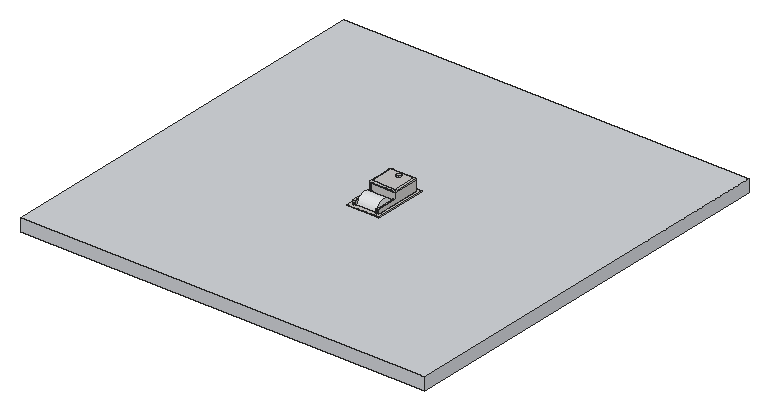
Revit family
Parameters (values of type "B-4388")
  Width = 0' - 6 1/16"
  URL = "www.bobrick.com"
  Type Comments = "Satin Finish"
  Model = "B-4388"
  Manufacturer = "Bobrick Washroom Equipment, Inc."
  Height = 0' - 11 1/16"
  Finish Material = Stainless Steel - Bobrick - Satin
  Description = "Recessed Multi-Roll Toilet Tissue Dispenser"
  Default Elevation = 2' - 4"
  Assembly Code = "C1030200"
  ADA Compliant = yes
Reference planes (in)
  plane 1 "Center (Front/Back)": y = 0
  plane 2: z = 0
  plane 3 "Center (Left/Right)": x = 0
  plane 4: x = -3.03125
  plane 5: x = 3.03125
  plane 6: y = 5.53125
  plane 7: y = -5.53125
  plane 8: y = -0.46875
  plane 9: x = -2.40625
  plane 10: x = 2.46875
  plane 11: z = 2.9375
  plane 12: z = -3
  plane 13: z = 1
  plane 14: z = 0.125
  plane 15: x = -2.90625
  plane 16: x = -3.78125
  plane 17: z = -2.875
  plane 18: y = -0.59375
  plane 19: x = -2.90625
  plane 20: z = 0.875
  plane 21: x = -2.53125
  plane 22: x = 2.90625
  plane 23: z = 0.875
  plane 24: x = 2.59375
  plane 25: y = -5.40625
  plane 26: z = 0.75
  plane 27: z = 2.8125
  plane 28: x = -2.90625
  plane 29: x = 2.90625
  plane 30: z = 2.4375
  plane 31: z = 0.125
  plane 32: z = 2.4375
  plane 33: z = 0.125
  plane 34: z = 2.4375
  plane 35: y = 5.40625
  plane 36: x = -2.53125
  plane 37: y = 0.03125
  plane 38: x = 2.53125
  plane 39: y = 5.03125
  plane 40: y = 4.2890404
  plane 41: z = 3.0625
  plane 42: y = -3
  plane 43: x = -2.28125
  plane 44: x = 2.34375
  plane 45: z = -0.25
Forms (in)
  Extrusion 1, solid
    sketch origin (0, 0, 0) x (1, 0, 0) y (0, 1, 0)
      loop
        line (-48, 48) -> (-48, -48) -> (48, -48) -> (48, 48) -> (-48, 48)
    from 0 to -3
  Extrusion 2, void
    sketch origin (0, 0, 0) x (1, 0, 0) y (0, 1, 0)
      loop
        line (-3.03125, 5.53125) -> (-3.03125, -5.53125) -> (3.03125, -5.53125) -> (3.03125, 5.53125) -> (-3.03125, 5.53125)
    from -3 to 0
  Sweep 3, solid, material "Stainless Steel - Bobrick - Satin" <- "Finish Material"
    path origin (0, 0, 0) x (1, 0, 0) y (0, 1, 0)
      loop
        line (-3.03125, 5.53125) -> (-3.03125, -5.53125) -> (3.03125, -5.53125) -> (3.03125, 5.53125) -> (-3.03125, 5.53125)
    profile origin (-3.03125, 0, 0) x (1, 0, 0) y (0, 0, 1)
      loop
        line (0, -3) -> (0.125, -3) -> (0.125, 0.125) -> (-0.75, 0.125) -> (-0.75, 0) -> (0, 0) -> (0, -3)
  Extrusion 4, solid, material "Stainless Steel - Bobrick - Satin" <- "Finish Material"
    sketch origin (0, 0, 0) x (1, 0, 0) y (0, 1, 0)
      loop
        line (-3.03125, 5.53125) -> (-3.03125, -5.53125) -> (3.03125, -5.53125) -> (3.03125, 5.53125) -> (-3.03125, 5.53125)
    from -3 to -2.875
  Extrusion 5, solid, material "Stainless Steel - Bobrick - Satin" <- "Finish Material"
    sketch origin (0, 0, 0) x (1, 0, 0) y (0, 0, 1)
      loop
        line (-3.03125, 1) -> (-3.03125, 0) -> (-2.90625, 0) -> (-2.90625, 0.875) -> (-2.53125, 0.875) -> (-2.53125, -2.875) -> (-2.40625, -2.875) -> (-2.40625, 1) -> (-3.03125, 1)
      loop
        line (2.46875, 1) -> (2.46875, -2.875) -> (2.59375, -2.875) -> (2.59375, 0.875) -> (2.90625, 0.875) -> (2.90625, 0) -> (3.03125, 0) -> (3.03125, 1) -> (2.46875, 1)
    from 0.59375 to 5.53125
  Extrusion 6, solid, material "Stainless Steel - Bobrick - Satin" <- "Finish Material"
    sketch origin (0, 0, 0) x (1, 0, 0) y (0, 0, 1)
      loop
        line (3.03125, 1) -> (2.46875, 1) -> (2.46875, -2.875) -> (3.03125, -2.875) -> (3.03125, 1)
      loop
        line (-3.03125, -3) -> (-2.40625, -3) -> (-2.40625, 1) -> (-3.03125, 1) -> (-3.03125, -3)
    from 5.40625 to 5.53125
  Extrusion 7, solid, material "Stainless Steel - Bobrick - Satin" <- "Finish Material"
    sketch origin (0, 0, 0) x (0, 1, 0) y (0, 0, 1)
      loop
        line (5.53125, 2.4375) -> (-0.46875, 2.4375) -> (-0.46875, 0.75) -> (-0.59375, 0.75) -> (-0.59375, 0.125) -> (5.53125, 0.125) -> (5.53125, 2.4375)
    from -3.03125 to -2.90625
  Extrusion 8, solid, material "Stainless Steel - Bobrick - Satin" <- "Finish Material"
    sketch origin (0, 0, 0) x (0, 1, 0) y (0, 0, -1)
      loop
        line (5.53125, -2.4375) -> (5.53125, -0.125) -> (-0.59375, -0.125) -> (-0.59375, -0.75) -> (-0.46875, -0.75) -> (-0.46875, -2.4375) -> (5.53125, -2.4375)
    from -3.03125 to -2.90625
  Extrusion 9, solid, material "Stainless Steel - Bobrick - Satin" <- "Finish Material"
    sketch origin (0, 0, 0) x (0, 1, 0) y (0, 0, 1)
      loop
        line (-0.46875, 0.75) -> (-0.34375, 0.75) -> (-0.34375, 2.4375) -> (-0.46875, 2.4375) -> (-0.46875, 0.75)
    from -3.03125 to 3.03125
  Extrusion 10, solid, material "Stainless Steel - Bobrick - Satin" <- "Finish Material"
    sketch origin (0, 0, 0) x (1, 0, 0) y (0, 1, 0)
      loop
        line (-3.03125, 5.53125) -> (-3.03125, 5.40625) -> (3.03125, 5.40625) -> (3.03125, 5.53125) -> (-3.03125, 5.53125)
    from 0 to 2.4375
  Sweep 11, solid, material "Stainless Steel - Bobrick - Satin" <- "Finish Material"
    path origin (4.2619088, 0, 2.4375) x (1, 0, 0) y (0, 1, 0)
      loop
        line (-7.2931588, 5.53125) -> (-7.2931588, -0.46875) -> (-1.2306588, -0.46875) -> (-1.2306588, 5.53125) -> (-7.2931588, 5.53125)
    profile origin (0, 5.53125, 2.4375) x (0, 1, 0) y (0, 0, 1)
      loop
        line (0, 0) -> (0, 0.25)
        arc (0, 0.25) -> (-0.0732233, 0.4267767) -> (-0.25, 0.5) r 0.25
        line (-0.25, 0.5) -> (-0.5, 0.5) -> (-0.5, 0.375) -> (-0.125, 0.375) -> (-0.125, 0) -> (0, 0)
  Extrusion 12, solid, material "Stainless Steel - Bobrick - Satin" <- "Finish Material"
    sketch origin (4.2619088, 0, 2.4375) x (1, 0, 0) y (0, 1, 0)
      loop
        line (-1.7306588, 5.03125) -> (-6.7931588, 5.03125) -> (-6.7931588, 0.03125) -> (-1.7306588, 0.03125) -> (-1.7306588, 5.03125)
    from 0.375 to 0.5
  Extrusion 13, solid, material "Stainless Steel - Bobrick - Satin" <- "Finish Material"
    sketch origin (4.2619088, 0, 2.4375) x (1, 0, 0) y (0, 1, 0)
      loop
        circle (-4.2619088, 4.2890404) r 0.5
    from 0.5 to 0.625
  Extrusion 14, solid, material "Tissue - Bobrick", detail levels medium+fine
    sketch origin (0, 0, 0) x (0, 1, 0) y (0, 0, 1)
      loop
        circle (-3, -0.25) r 2.25
      loop
        circle (-3, -0.25) r 0.5
    from -2.28125 to 2.34375
Cuts and joins
  joined: Sweep 3, Extrusion 4, Extrusion 5, Extrusion 6, Extrusion 7, Extrusion 8, Extrusion 9, Extrusion 10, Extrusion 13
  joined: Sweep 11, Extrusion 12
Lines and regions (in)
  Masking region 1
    outline origin (4.2619088, 0, 2.4375) x (1, 0, 0) y (0, 1, 0)
      loop
        line (-8.0431588, 6.28125) -> (-8.0431588, -6.28125) -> (-0.4806588, -6.28125) -> (-0.4806588, 6.28125) -> (-8.0431588, 6.28125)
  Masking region 2
    outline origin (0, 0, 0) x (0, 1, 0) y (0, 0, 1)
      loop
        line (6.28125, 0) -> (6.28125, 0.125) -> (5.53125, 0.125) -> (5.53125, 2.6875)
        arc (5.53125, 2.6875) -> (5.4580267, 2.8642767) -> (5.28125, 2.9375) r 0.25
        line (5.28125, 2.9375) -> (4.7890404, 2.9375) -> (4.7890404, 3.0625) -> (3.7890404, 3.0625) -> (3.7890404, 2.9375) -> (-0.21875, 2.9375)
        arc (-0.21875, 2.9375) -> (-0.3955267, 2.8642767) -> (-0.46875, 2.6875) r 0.25
        line (-0.46875, 2.6875) -> (-0.46875, 0.75) -> (-0.59375, 0.75) -> (-0.59375, 1) -> (-5.53125, 1) -> (-5.53125, 0.125) -> (-6.28125, 0.125) -> (-6.28125, 0) -> (6.28125, 0)
  Masking region 3
    outline origin (0, 0, 0) x (0, 1, 0) y (0, 0, 1)
      loop
        arc (-1.1291713, 1) -> (-3, 2) -> (-4.8708287, 1) r 2.25
        line (-4.8708287, 1) -> (-1.1291713, 1)
  Masking region 4
    outline origin (0, 0, 0) x (1, 0, 0) y (0, 0, 1)
      loop
        line (3.78125, 0) -> (3.78125, 0.125) -> (3.03125, 0.125) -> (3.03125, 2.6875)
        arc (3.03125, 2.6875) -> (2.9580267, 2.8642767) -> (2.78125, 2.9375) r 0.25
        line (2.78125, 2.9375) -> (0.5, 2.9375) -> (0.5, 3.0625) -> (-0.5, 3.0625) -> (-0.5, 2.9375) -> (-2.8159079, 2.9375)
        spline (-2.8159079, 2.9375) -> (-2.8401573, 2.934526) -> (-2.864089, 2.9290878) -> (-2.8874289, 2.9200935) -> (-2.9099093, 2.9076462) -> (-2.9312726, 2.8918885) -> (-2.9512741, 2.873001) -> (-2.9696844, 2.8512001) -> (-2.9862925, 2.8267358) -> (-3.0009081, 2.7998885) -> (-3.0133636, 2.7709658) -> (-3.0235164, 2.7402993) -> (-3.03125, 2.7082403)
        line (-3.03125, 2.7082403) -> (-3.03125, 0.125) -> (-3.78125, 0.125) -> (-3.78125, 0) -> (3.78125, 0)
  symbolic lines
    curve 1: line (3.03125, 5.53125, 2.4375) -> (-3.03125, 5.53125, 2.4375)
    curve 2: line (3.03125, 5.53125, 2.4375) -> (3.03125, -5.53125, 2.4375)
    curve 3: line (-3.03125, -0.46875, 2.4375) -> (3.03125, -0.46875, 2.4375)
    curve 4: line (-3.03125, 5.53125, 2.4375) -> (-3.03125, -5.53125, 2.4375)
    curve 5: arc (0.5, 4.2890404, 2.4375) -> (0, 4.7890404, 2.4375) -> (-0.5, 4.2890404, 2.4375) r 0.5
    curve 6: arc (-0.5, 4.2890404, 2.4375) -> (0, 3.7890404, 2.4375) -> (0.5, 4.2890404, 2.4375) r 0.5
    curve 7: line (-2.40625, -0.59375, 2.4375) -> (-3.03125, -0.59375, 2.4375)
    curve 8: line (-2.40625, -5.53125, 2.4375) -> (-2.40625, -0.59375, 2.4375)
    curve 9: line (-3.03125, -5.53125, 2.4375) -> (-2.40625, -5.53125, 2.4375)
    curve 10: line (3.03125, -0.59375, 2.4375) -> (2.34375, -0.59375, 2.4375)
    curve 11: line (2.34375, -0.59375, 2.4375) -> (2.34375, -5.53125, 2.4375)
    curve 12: line (2.34375, -5.53125, 2.4375) -> (3.03125, -5.53125, 2.4375)
    curve 13: line (-2.40625, -5.53125, 2.4375) -> (2.46875, -5.53125, 2.4375)
    curve 14: line (-2.40625, -0.71875, 2.4375) -> (2.34375, -0.71875, 2.4375)
    curve 15: line (-2.40625, -5.40625, 2.4375) -> (2.34375, -5.40625, 2.4375)
    curve 16: line (0, 4.7890404, 2.9375) -> (0, 3.7890404, 2.9375)
    curve 17: line (0.5, 0, 2.9375) -> (-0.5, 0, 2.9375)
    curve 18: line (3.03125, 0, 0.125) -> (-3.03125, 0, 0.125)
Dimensions and locks (in)
  "Width": plane 4 to plane 5
  equal spacing: plane 4, plane 3 "Center (Left/Right)", plane 5
  "Height": plane 6 to plane 7
  equal spacing: plane 6, plane 1 "Center (Front/Back)", plane 7
  locked: plane 6 to plane 8 at 6
  locked: plane 4 to plane 9 at 0.625
  locked: plane 10 to plane 5 at 0.5625
  locked: level to plane 12 at 3
  locked: plane 11 to level at 2.9375
  locked: plane 13 to level at 1
  locked: plane 16 to profile plane at 0.75
  locked: plane 14 to profile plane at 0.125
  locked: plane 15 to profile plane at 0.125
  locked: plane 17 to plane 12 at 0.125
  locked: plane 8 to plane 18 at 0.125
  locked: plane 19 to plane 4 at 0.125
  locked: plane 9 to plane 21 at 0.125
  locked: plane 13 to plane 20 at 0.125
  locked: plane 24 to plane 10 at 0.125
  locked: plane 22 to plane 5 at 0.125
  locked: plane 13 to plane 23 at 0.125
  locked: plane 25 to plane 7 at 0.125
  locked: plane 13 to plane 26 at 0.25
  locked: plane 11 to plane 27 at 0.125
  locked: plane 4 to plane 28 at 0.125
  locked: plane 29 to plane 5 at 0.125
  locked: plane 11 to plane 30 at 0.5
  locked: plane 31 to level at 0.125
  locked: plane 11 to plane 32 at 0.5
  locked: Extrusion 8 sketch curve to level at 0.125
  locked: Extrusion 9 sketch curve to plane 8 at 0.125
  locked: plane 6 to Extrusion 10 sketch curve at 0.125
  locked: plane 34 to plane 11 at 0.5
  locked: plane 6 to plane 35 at 0.125
  locked: plane 6 to Sweep 11 sketch curve at 0.5
  locked: plane 6 to Sweep 11 sketch curve at 0.25
  locked: plane 11 to Sweep 11 sketch curve at 0.25
  locked: plane 6 to plane 39 at 0.5
  locked: plane 4 to plane 36 at 0.5
  locked: plane 38 to plane 5 at 0.5
  locked: plane 37 to plane 8 at 0.5
  locked: plane 41 to plane 11 at 0.125
  locked: plane 3 "Center (Left/Right)" to Extrusion 13 sketch curve at 0
  locked: plane 40 to Extrusion 13 sketch curve at 0
  equal spacing: plane 18, plane 42, plane 25
  locked: plane 9 to plane 43 at 0.125
  locked: plane 44 to plane 10 at 0.125
  locked: plane 45 to plane 17 at 2.625
  locked: Extrusion 14 sketch curve to plane 45 at 0  (x2)
  locked: plane 42 to Extrusion 14 sketch curve at 0  (x2)
  locked: curve 7 to curve 14 at 0.125
  locked: curve 9 to curve 15 at 0.125
  Masking region 2 sketch curve to plane 40 to Masking region 2 sketch curve = 0' - 0 1/2" locked, 0' - 0 1/2" locked
  Masking region 4 sketch curve to plane 3 "Center (Left/Right)" to Masking region 4 sketch curve = 0' - 0 1/2" locked, 0' - 0 1/2" locked
  radius of Extrusion 14 sketch curve = 0' - 2 1/4"
  radius of Extrusion 14 sketch curve = 0' - 0 1/2"
  aligned and locked: plane 2 to Extrusion 1
  aligned and locked: level to Extrusion 1
  aligned and locked: Extrusion 2 sketch curve to plane 4
  aligned and locked: Extrusion 2 sketch curve to plane 6
  aligned and locked: plane 5 to Extrusion 2 sketch curve
  aligned and locked: Extrusion 2 sketch curve to plane 7
  aligned and locked: Extrusion 2 to plane 12
  aligned and locked: level to Extrusion 2
  aligned and locked: Sweep 3 sketch curve to plane 4  (x2)
  aligned and locked: Sweep 3 sketch curve to plane 6
  aligned and locked: plane 5 to Sweep 3 sketch curve
  aligned and locked: Sweep 3 sketch curve to plane 7
  aligned and locked: Sweep 3 sketch curve to plane 12
  aligned and locked: Sweep 3 sketch curve to plane 16
  aligned and locked: Sweep 3 sketch curve to plane 14
  aligned and locked: Sweep 3 sketch curve to plane 15
  aligned and locked: Sweep 3 sketch curve to plane 2
  aligned and locked: Extrusion 4 sketch curve to plane 6
  aligned and locked: Extrusion 4 sketch curve to plane 4
  aligned and locked: plane 5 to Extrusion 4 sketch curve
  aligned and locked: Extrusion 4 sketch curve to plane 7
  aligned and locked: plane 17 to Extrusion 4
  aligned and locked: Extrusion 4 to plane 12
  aligned and locked: Extrusion 5 sketch curve to plane 13  (x2)
  aligned and locked: Extrusion 5 sketch curve to plane 9
  aligned and locked: Extrusion 5 sketch curve to plane 19
  aligned and locked: Extrusion 5 sketch curve to plane 20
  aligned and locked: Extrusion 5 sketch curve to plane 21
  aligned and locked: Extrusion 5 sketch curve to plane 17  (x2)
  aligned and locked: Extrusion 5 sketch curve to plane 4
  aligned and locked: Extrusion 5 sketch curve to level  (x2)
  aligned and locked: Extrusion 5 sketch curve to plane 10
  aligned and locked: plane 24 to Extrusion 5 sketch curve
  aligned and locked: plane 5 to Extrusion 5 sketch curve
  aligned and locked: plane 23 to Extrusion 5 sketch curve
  aligned and locked: plane 22 to Extrusion 5 sketch curve
  aligned and locked: Extrusion 5 to plane 18
  aligned and locked: Extrusion 5 to plane 7
  aligned and locked: plane 13 to Extrusion 6 sketch curve
  aligned and locked: plane 4 to Extrusion 6 sketch curve
  aligned and locked: plane 17 to Extrusion 6 sketch curve
  aligned and locked: Extrusion 6 sketch curve to plane 5
  aligned and locked: plane 25 to Extrusion 6
  aligned and locked: Extrusion 6 to plane 7
  aligned and locked: Extrusion 6 sketch curve to plane 9
  aligned and locked: Extrusion 6 sketch curve to plane 10
  aligned and locked: plane 13 to cut or joined group 1 (Sweep 3, Extrusion 4, Extrusion 5, Extrusion 6, Extrusion 7, Extrusion 8, Extrusion 9, Extrusion 10, Extrusion 13)
  aligned and locked: cut or joined group 1 to plane 12
  aligned and locked: plane 30 to Extrusion 7 sketch curve
  aligned and locked: plane 6 to Extrusion 7 sketch curve
  aligned and locked: plane 18 to Extrusion 7 sketch curve
  aligned and locked: plane 26 to Extrusion 7 sketch curve
  aligned and locked: plane 8 to Extrusion 7 sketch curve
  aligned and locked: plane 31 to Extrusion 7 sketch curve
  aligned and locked: Extrusion 7 to plane 4
  aligned and locked: plane 28 to Extrusion 7
  aligned and locked: Extrusion 8 sketch curve to plane 32
  aligned and locked: plane 6 to Extrusion 8 sketch curve
  aligned and locked: plane 8 to Extrusion 8 sketch curve
  aligned and locked: plane 26 to Extrusion 8 sketch curve
  aligned and locked: plane 18 to Extrusion 8 sketch curve
  aligned and locked: Extrusion 8 to plane 5
  aligned and locked: Extrusion 8 to plane 29
  aligned and locked: plane 8 to Extrusion 9 sketch curve
  aligned and locked: plane 26 to Extrusion 9 sketch curve
  aligned and locked: cut or joined group 1 to Extrusion 9 sketch curve
  aligned and locked: cut or joined group 1 to plane 4
  aligned and locked: cut or joined group 1 to plane 5
  aligned and locked: Extrusion 10 sketch curve to plane 6
  aligned and locked: Extrusion 10 sketch curve to plane 4
  aligned and locked: plane 5 to Extrusion 10 sketch curve
  aligned and locked: Extrusion 10 to level
  aligned and locked: cut or joined group 1 to cut or joined group 1
  aligned and locked: Sweep 11 sketch curve to plane 6
  aligned and locked: Sweep 11 sketch curve to plane 4
  aligned and locked: Sweep 11 sketch curve to plane 8
  aligned and locked: plane 5 to Sweep 11 sketch curve
  aligned and locked: plane 6 to Sweep 11 sketch curve
  aligned and locked: plane 35 to Sweep 11 sketch curve
  aligned and locked: plane 11 to Sweep 11 sketch curve
  aligned and locked: plane 27 to Sweep 11 sketch curve
  aligned and locked: plane 34 to Sweep 11 sketch curve
  aligned and locked: Extrusion 12 sketch curve to plane 38
  aligned and locked: Extrusion 12 sketch curve to plane 36
  aligned and locked: Extrusion 12 sketch curve to plane 39
  aligned and locked: Extrusion 12 sketch curve to plane 37
  aligned and locked: Extrusion 12 to plane 27
  aligned and locked: plane 11 to Extrusion 12
  aligned and locked: Extrusion 13 to plane 11
  aligned and locked: plane 41 to Extrusion 13
  aligned and locked: Extrusion 14 to plane 43
  aligned and locked: plane 44 to Extrusion 14
  aligned and locked: Masking region 1 sketch curve to cut or joined group 1  (x4)
  aligned and locked: curve 1 to cut or joined group of Sweep 11, Extrusion 12
  aligned and locked: plane 5 to curve 2
  aligned and locked: curve 3 to plane 8
  aligned and locked: curve 4 to cut or joined group of Sweep 11, Extrusion 12
  aligned and locked: curve 5 to cut or joined group 1
  aligned and locked: curve 6 to cut or joined group 1
  aligned and locked: cut or joined group 1 to curve 7  (x2)
  aligned and locked: curve 8 to cut or joined group 1
  aligned and locked: curve 9 to cut or joined group 1
  aligned and locked: curve 10 to plane 18
  aligned and locked: curve 11 to plane 44
  aligned and locked: curve 12 to plane 7
  aligned and locked: curve 2 to curve 10
  aligned and locked: curve 13 to plane 7
  aligned and locked: plane 10 to curve 13
  aligned and locked: level to Masking region 2 sketch curve
  aligned and locked: Masking region 2 sketch curve to cut or joined group 1  (x6)
  aligned and locked: Masking region 2 sketch curve to cut or joined group of Sweep 11, Extrusion 12  (x2)
  aligned and locked: plane 26 to Masking region 2 sketch curve
  aligned and locked: plane 18 to Masking region 2 sketch curve
  aligned and locked: plane 13 to Masking region 2 sketch curve
  aligned and locked: plane 7 to Masking region 2 sketch curve
  aligned and locked: plane 11 to Masking region 2 sketch curve
  aligned and locked: cut or joined group 1 to plane 11
  aligned and locked: Masking region 3 sketch curve to Extrusion 14
  aligned and locked: plane 13 to Masking region 3 sketch curve
  aligned and locked: Masking region 4 sketch curve to cut or joined group 1  (x5)
  aligned and locked: Masking region 4 sketch curve to cut or joined group of Sweep 11, Extrusion 12
  aligned and locked: plane 41 to Masking region 4 sketch curve
  aligned and locked: Extrusion 1 to Masking region 4 sketch curve
  aligned and locked: plane 11 to Masking region 4 sketch curve
  aligned and locked: curve 17 to plane 11
  aligned and locked: curve 18 to Masking region 4
Automatic sketch dimensions
  Extrusion 1 sketch curve to Extrusion 1 sketch curve = 8' - 0"  (x2)
  Extrusion 6 sketch curve to plane 12 = 0' - 0"
  Extrusion 6 sketch curve to plane 13 = 0' - 0"
  curve 16 to plane 11 = 0' - 0"
  curve 16 to plane 40 = 0' - 0 1/2"
  curve 16 to plane 39 = 0' - 0.24221"
  Masking region 4 sketch curve to plane 11 = 0' - 0.00119"
  plane 28 to Masking region 4 sketch curve = 0' - 0.08672"
  plane 28 to Masking region 4 sketch curve = 0' - 0.0938"
  Masking region 4 sketch curve to plane 11 = 0' - 0.00115"
  Masking region 4 sketch curve to Masking region 4 sketch curve = 0' - 0.00362"
  Masking region 4 sketch curve to Masking region 4 sketch curve = 0' - 0.96534"
  level to Masking region 4 sketch curve = 0' - 0 1/8"
  curve 18 to plane 4 = 0' - 0"
  plane 5 to curve 18 = 0' - 0"
  curve 17 to plane 3 "Center (Left/Right)" = 0' - 0 1/2"
  plane 3 "Center (Left/Right)" to curve 17 = 0' - 0 1/2"
  radius of Extrusion 13 sketch curve = 0' - 0 1/2"
